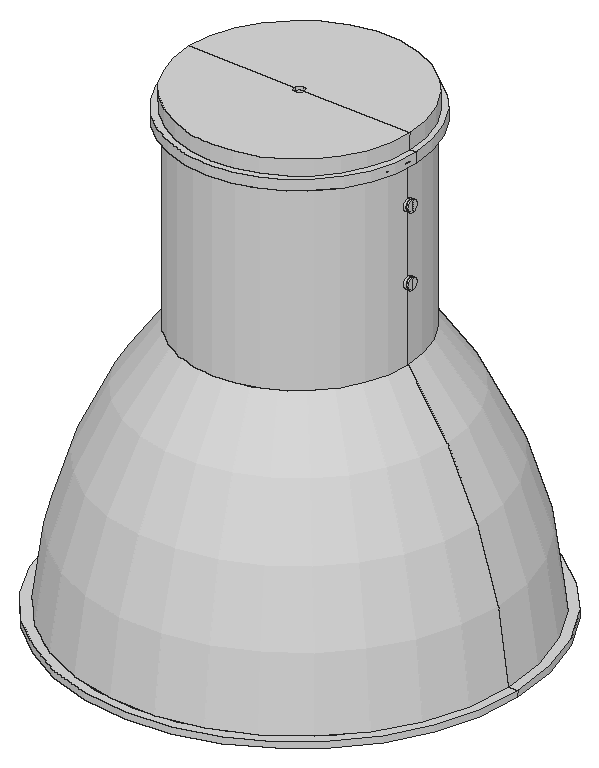
Revit family "FAP", category Lighting Fixtures, Revit 2024
Family settings
  Round Connector Dimension = Use Diameter
  Part Type = Normal
  OmniClass Number = 23.80.70.00
  OmniClass Title = Lighting
  Work Plane-Based = No
  Always vertical = Yes
  Cut with Voids When Loaded = No
  Light Source = No
  Maintain Annotation Orientation = No
  Shared = No
  Room Calculation Point = No
Parameters
  Default Elevation = 0' - 0"
Reference planes (in)
  plane 1 "Light Source Axis (F/B)": y = 0
  plane 2: z = 0
  plane 3 "Light Source Axis (L/R)": x = 0
  plane 4 "Light Source Elevation": z = 54
Forms (in)
  Revolve 1, solid, material "48"
    sketch origin (0, 0, 0) x (1, 0, 0) y (0, 0, 1)
      loop
        line (5.5625, 77.5) -> (0.25, 77.5) -> (0.25, 77.375) -> (5.4375, 77.375) -> (5.4375, 76.625) -> (5.75, 76.625) -> (5.75, 76.375) -> (5.6875, 76.375)
        arc (5.6875, 76.375) -> (5.42233, 76.26517) -> (5.3125, 76) r 0.375
        line (5.3125, 76) -> (5.3125, 66.95457)
        arc (5.3125, 66.95457) -> (8.88845, 60.97791) -> (10.41625, 54.18279) r 21.9927
        line (10.41625, 54.18279) -> (10.875, 54.18279) -> (10.875, 54) -> (11, 54) -> (11, 54.30779) -> (10.5334, 54.30779)
        arc (10.5334, 54.30779) -> (8.99116, 61.05768) -> (5.4375, 67) r 22.1177
        line (5.4375, 67) -> (5.4375, 76)
        arc (5.4375, 76) -> (5.51072, 76.17678) -> (5.6875, 76.25) r 0.25
        line (5.6875, 76.25) -> (5.875, 76.25) -> (5.875, 76.75) -> (5.5625, 76.75) -> (5.5625, 77.5)
      axis (0, 77.5) -> (0, 54)
    angle from 0 to 360
  Revolve 2, solid, material "48"
    sketch origin (1.9375, 0, 2.375) x (1, 0, 0) y (0, 0, 1)
      loop
        line (3.5, 71.875) -> (3.75, 71.875) -> (3.75, 72.145) -> (3.686, 72.145) -> (3.686, 72.105)
        arc (3.686, 72.105) -> (3.633, 72.052) -> (3.58, 72.105) r 0.053
        arc (3.58, 72.105) -> (3.54, 72.145) -> (3.5, 72.105) r 0.04
        line (3.5, 72.105) -> (3.5, 71.875)
      axis (3.75, 71.875) -> (3.5, 71.875)
    angle from 0 to 360
  Revolve 3, solid, material "48"
    sketch origin (1.9375, 0, -1.125) x (1, 0, 0) y (0, 0, 1)
      loop
        line (3.5, 71.875) -> (3.75, 71.875) -> (3.75, 72.145) -> (3.686, 72.145) -> (3.686, 72.105)
        arc (3.686, 72.105) -> (3.633, 72.052) -> (3.58, 72.105) r 0.053
        arc (3.58, 72.105) -> (3.54, 72.145) -> (3.5, 72.105) r 0.04
        line (3.5, 72.105) -> (3.5, 71.875)
      axis (3.75, 71.875) -> (3.5, 71.875)
    angle from 0 to 360
  Revolve 4, solid, material "48"
    sketch origin (-1.9375, 0, -1.125) x (-1, 0, 0) y (0, 0, -1)
      loop
        line (3.5, -71.875) -> (3.5, -72.105)
        arc (3.5, -72.105) -> (3.54, -72.145) -> (3.58, -72.105) r 0.04
        arc (3.58, -72.105) -> (3.633, -72.052) -> (3.686, -72.105) r 0.053
        line (3.686, -72.105) -> (3.686, -72.145) -> (3.75, -72.145) -> (3.75, -71.875) -> (3.5, -71.875)
      axis (3.75, -71.875) -> (3.5, -71.875)
    angle from 0 to 360
  Revolve 5, solid, material "48"
    sketch origin (-1.9375, 0, 2.375) x (-1, 0, 0) y (0, 0, -1)
      loop
        line (3.5, -71.875) -> (3.5, -72.105)
        arc (3.5, -72.105) -> (3.54, -72.145) -> (3.58, -72.105) r 0.04
        arc (3.58, -72.105) -> (3.633, -72.052) -> (3.686, -72.105) r 0.053
        line (3.686, -72.105) -> (3.686, -72.145) -> (3.75, -72.145) -> (3.75, -71.875) -> (3.5, -71.875)
      axis (3.75, -71.875) -> (3.5, -71.875)
    angle from 0 to 360
Dimensions and locks (in)
  aligned and locked: level to plane 2
